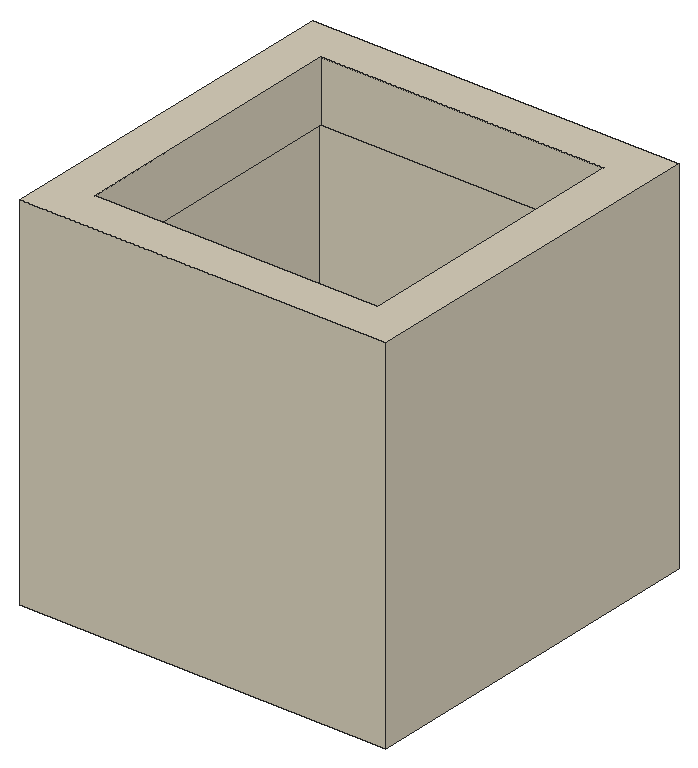
Revit family "Specialty_Equipment-Fiberstone_Planter-Planters_Unlimited-Draper-Rectangular & Square-rev", category Specialty Equipment, Revit 2023
Family settings
  Round Connector Dimension = Use Diameter
  Part Type = Normal
  OmniClass Number = 23.40.05.21.17
  OmniClass Title = Planters
  Work Plane-Based = No
  Enable Cutting in Views = No
  Always vertical = Yes
  Cut with Voids When Loaded = No
  Maintain Annotation Orientation = No
  Shared = No
  Room Calculation Point = No
Parameters (values of type "18"L x 18"W x 18"H")
  URL = "https://www.plantersunlimited.com"
  Type Comments = if(CD_Length = CD_Width, "Square Planter", "Rectangular Planter")  # "Square Planter"
  Model = "Draper Series Planters"  # constant formula
  Manufacturer = "Planters Unlimited"  # constant formula
  Description = if(CD_Length = CD_Width, "Draper Square Planter", "Draper Rectangular Planter")  # "Draper Square Planter"
  Default Elevation = 0.0"
  CD_Width = 18.0"
  CD_Specification = "https://www.plantersunlimited.com/content/2024-07-10-fg-pu-guide-specifications.pdf"
  CD_Product Page URL = "https://www.plantersunlimited.com/modern-fiberglass-round-planter/"
  CD_Product Name [instance] = "Modern Planter"  # constant formula
  CD_Pad Size = 3.0"
  CD_Microsite = "https://www.caddetails.com/3404"
  CD_Length = 18.0"
  CD_Height = 18.0"
  CD_Finish = Plastic-Fiberstone-Carlsbad-Chenza
  CD_Divider Visibility = CD_Length > 50.0"  # no
  CD_Divider = 1.0"
  CD_Created By = "CADdetails LTD. 2024"  # constant formula
  Assembly Code = "G2050600"
Reference planes (in)
  plane 1 "Center (Front/Back)": y = 0
  plane 2 "Bottom": z = 0
  plane 3 "Center (Left/Right)": x = 0
  plane 4 "Bottom of Bin": z = 0
  plane 5 "Back": y = 9
  plane 6 "Front": y = -9
  plane 7 "Left Inner": x = -7.5
  plane 8 "Left": x = -9
  plane 9 "Right": x = 9
  plane 10 "Top": z = 18
  plane 11 "Pad1,2": x = -6.97045
  plane 12 "Pad Back": y = 6.5
  plane 13 "Pad3,4": x = -2.4803
  plane 14 "Pad5,6": x = 2.00985
  plane 15 "Pad7,8": x = 6.5
  plane 16 "Pad Front": y = -6.5
  plane 17 "Bottom of planter": z = 0.125
  plane 18: x = -0.5
  plane 19 "divider1": x = -0.5
  plane 20 "Divider2": x = 0.5
  plane 21 "Lip": x = -6.97045
  plane 22 "Base of the wall": z = 1.625
  plane 23 "Lip Depth": z = 15
  plane 24: z = 1.625
  plane 25 "Base Plate": z = 1.625
  plane 26 "Divider Edge Back Top": y = 6.97045
  plane 27 "Divider edge Back": y = 7.5
  plane 28 "Divider Edge front top": y = -6.97045
  plane 29 "Divider edge front": y = -7.5
  plane 30 "Divider top": z = 15
  plane 31 "Pad 1,2": x = -6.4803
Forms (in)
  Sweep 1, solid, material "Plastic-Fiberstone-Carlsbad-Chenza" <- "CD_Finish"
    path origin (0, 0, 0) x (1, 0, 0) y (0, 1, 0)
      loop
        line (-5.75, 5.75) -> (-5.75, -5.75) -> (5.75, -5.75) -> (5.75, 5.75) -> (-5.75, 5.75)
    profile origin (-5.75, 0, 0) x (1, 0, 0) y (0, 0, 1)
      loop
        line (-1.22045, 15) -> (-1.22045, 18) -> (-3.25, 18) -> (-3.25, 0.125) -> (-1.75, 0.125) -> (-1.75, 15) -> (-1.22045, 15)
  Extrusion 2, solid, material "Plastic-Fiberstone-Carlsbad-Chenza" <- "CD_Finish"
    sketch origin (0, 0, 0) x (1, 0, 0) y (0, 1, 0)
      loop
        line (-7.5, 7.5) -> (-7.5, -7.5) -> (7.5, -7.5) -> (7.5, 7.5) -> (-7.5, 7.5)
    from 0.125 to 1.625
  Extrusion 3, solid, material "Plastic-Fiberstone-Carlsbad-Chenza" <- "CD_Finish"
    sketch origin (8.75, -0.5, 0) x (1, 0, 0) y (0, 1, 0)
      loop
        line (-12.7303, -7.5) -> (-9.7303, -7.5) -> (-9.7303, -4.5) -> (-12.7303, -4.5) -> (-12.7303, -7.5)
    from 0 to 0.125
  Extrusion 4, solid, material "Plastic-Fiberstone-Carlsbad-Chenza" <- "CD_Finish"
    sketch origin (20.75, -0.5, 0) x (1, 0, 0) y (0, 1, 0)
      loop
        line (-20.24015, -7.5) -> (-17.24015, -7.5) -> (-17.24015, -4.5) -> (-20.24015, -4.5) -> (-20.24015, -7.5)
    from 0 to 0.125
  Extrusion 5, solid, material "Plastic-Fiberstone-Carlsbad-Chenza" <- "CD_Finish"
    sketch origin (29.75, -0.5, 0) x (1, 0, 0) y (0, 1, 0)
      loop
        line (-24.75, -7.5) -> (-21.75, -7.5) -> (-21.75, -4.5) -> (-24.75, -4.5) -> (-24.75, -7.5)
    from 0 to 0.125
  Extrusion 6, solid, material "Plastic-Fiberstone-Carlsbad-Chenza" <- "CD_Finish"
    sketch origin (12.33333, 0.5, 0) x (1, 0, 0) y (0, 1, 0)
      loop
        line (-16.31363, 7.5) -> (-16.31363, 4.5) -> (-13.31363, 4.5) -> (-13.31363, 7.5) -> (-16.31363, 7.5)
    from 0 to 0.125
  Extrusion 7, solid, material "Plastic-Fiberstone-Carlsbad-Chenza" <- "CD_Finish"
    sketch origin (24.66667, 0.5, 0) x (1, 0, 0) y (0, 1, 0)
      loop
        line (-24.15682, 7.5) -> (-24.15682, 4.5) -> (-21.15682, 4.5) -> (-21.15682, 7.5) -> (-24.15682, 7.5)
    from 0 to 0.125
  Extrusion 8, solid, material "Plastic-Fiberstone-Carlsbad-Chenza" <- "CD_Finish"
    sketch origin (37, 0.5, 0) x (1, 0, 0) y (0, 1, 0)
      loop
        line (-32, 7.5) -> (-32, 4.5) -> (-29, 4.5) -> (-29, 7.5) -> (-32, 7.5)
    from 0 to 0.125
  Extrusion 9, solid, material "Plastic-Fiberstone-Carlsbad-Chenza" <- "CD_Finish", visible <- "CD_Divider Visibility"
    sketch origin (0, 0, 0) x (0, 1, 0) y (0, 0, 1)
      loop
        line (6.97045, 18) -> (-6.97045, 18) -> (-6.97045, 15) -> (-7.5, 15) -> (-7.5, 1.625) -> (7.5, 1.625) -> (7.5, 15) -> (6.97045, 15) -> (6.97045, 18)
    from -0.5 to 0.5
  Extrusion 10, solid, material "Plastic-Fiberstone-Carlsbad-Chenza" <- "CD_Finish"
    sketch origin (-7.66667, 0.5, 0) x (1, 0, 0) y (0, 1, 0)
      loop
        line (-0.31363, 7.5) -> (-0.31363, 4.5) -> (2.68637, 4.5) -> (2.68637, 7.5) -> (-0.31363, 7.5)
    from 0 to 0.125
  Extrusion 11, solid, material "Plastic-Fiberstone-Carlsbad-Chenza" <- "CD_Finish"
    sketch origin (-7.66667, -0.5, 0) x (1, 0, 0) y (0, 1, 0)
      loop
        line (-0.31363, -7.5) -> (2.68637, -7.5) -> (2.68637, -4.5) -> (-0.31363, -4.5) -> (-0.31363, -7.5)
    from 0 to 0.125
Dimensions and locks (in)
  Sweep 1 sketch curve to Sweep 1 sketch curve = 1.5"
  equal spacing: Sweep 1, plane 3 "Center (Left/Right)", Sweep 1
  "CD_Height": plane 10 "Top" to level
  locked: plane 8 "Left" to Sweep 1 sketch curve at 3.25
  locked: Sweep 1 sketch curve to plane 9 "Right" at 3.25
  locked: plane 5 "Back" to Sweep 1 sketch curve at 3.25
  locked: Sweep 1 sketch curve to plane 6 "Front" at 3.25
  plane 8 "Left" to plane 11 "Pad1,2" = 2.02955"
  plane 8 "Left" to plane 7 "Left Inner" = 1.5"
  plane 9 "Right" to plane 8 "Left" = 18.0"
  "CD_Width": plane 5 "Back" to plane 6 "Front"
  equal spacing: plane 5 "Back", plane 1 "Center (Front/Back)", plane 6 "Front"
  equal spacing: plane 8 "Left", plane 3 "Center (Left/Right)", plane 9 "Right"
  locked: plane 15 "Pad7,8" to plane 9 "Right" at 2.5
  plane 11 "Pad1,2" to plane 15 "Pad7,8" = 13.47045"
  equal spacing: plane 11 "Pad1,2", plane 13 "Pad3,4", plane 14 "Pad5,6", plane 15 "Pad7,8"
  "CD_Pad Size": Extrusion 3 sketch curve to Extrusion 3 sketch curve  (x2)
  "CD_Pad Size": Extrusion 4 sketch curve to Extrusion 4 sketch curve  (x2)
  "CD_Pad Size": Extrusion 5 sketch curve to Extrusion 5 sketch curve  (x2)
  locked: plane 6 "Front" to plane 16 "Pad Front" at 2.5
  locked: plane 17 "Bottom of planter" to level at 0.125
  "CD_Pad Size": Extrusion 6 sketch curve to Extrusion 6 sketch curve  (x2)
  "CD_Pad Size": Extrusion 7 sketch curve to Extrusion 7 sketch curve  (x2)
  "CD_Pad Size": Extrusion 8 sketch curve to Extrusion 8 sketch curve  (x2)
  "CD_Length": plane 8 "Left" to plane 9 "Right"
  plane 12 "Pad Back" to plane 16 "Pad Front" = 13.0"
  equal spacing: plane 12 "Pad Back", plane 1 "Center (Front/Back)", plane 16 "Pad Front"
  equal spacing: Extrusion 7 sketch curve, plane 14 "Pad5,6", Extrusion 7 sketch curve, locked at 1.5 each
  equal spacing: Extrusion 6 sketch curve, plane 13 "Pad3,4", Extrusion 6 sketch curve, locked at 1.5 each
  equal spacing: Extrusion 6 sketch curve, plane 12 "Pad Back", Extrusion 6 sketch curve
  equal spacing: plane 19 "divider1", plane 3 "Center (Left/Right)", plane 20 "Divider2", locked at 0.5 each
  "CD_Divider": plane 19 "divider1" to plane 20 "Divider2"
  locked: plane 21 "Lip" to plane 8 "Left" at 2.02955
  locked: Sweep 1 to Sweep 1 at 2.02955
  locked: plane 5 "Back" to Extrusion 8 at 1
  locked: Extrusion 8 to plane 9 "Right" at 1
  equal spacing: Extrusion 7 sketch curve, plane 12 "Pad Back", Extrusion 7 sketch curve
  equal spacing: Extrusion 5 sketch curve, plane 16 "Pad Front", Extrusion 5 sketch curve, locked at 1.5 each
  equal spacing: Extrusion 5 sketch curve, plane 15 "Pad7,8", Extrusion 5 sketch curve
  equal spacing: Extrusion 4 sketch curve, plane 14 "Pad5,6", Extrusion 4 sketch curve, locked at 1.5 each
  equal spacing: Extrusion 3 sketch curve, plane 13 "Pad3,4", Extrusion 3 sketch curve, locked at 1.5 each
  locked: plane 10 "Top" to plane 23 "Lip Depth" at 3
  locked: plane 22 "Base of the wall" to plane 17 "Bottom of planter" at 1.5
  locked: plane 25 "Base Plate" to plane 17 "Bottom of planter" at 1.5
  locked: plane 5 "Back" to plane 27 "Divider edge Back" at 1.5
  locked: plane 5 "Back" to plane 26 "Divider Edge Back Top" at 2.02955
  locked: plane 29 "Divider edge front" to plane 6 "Front" at 1.5
  locked: plane 28 "Divider Edge front top" to plane 6 "Front" at 2.02955
  locked: plane 10 "Top" to plane 30 "Divider top" at 3
  Extrusion 5 to plane 6 "Front" = 1.0"
  Sweep 1 to plane 6 "Front" = 2.02955"  (x2)
  plane 5 "Back" to Sweep 1 = 2.02955"
  plane 5 "Back" to plane 12 "Pad Back" = 2.5"
  plane 5 "Back" to plane 6 "Front" = 18.0"
  plane 10 "Top" to level = 18.0"
  locked: plane 8 "Left" to plane 31 "Pad 1,2" at 2.5197
  "CD_Pad Size": Extrusion 10 sketch curve to Extrusion 10 sketch curve  (x2)
  "CD_Pad Size": Extrusion 11 sketch curve to Extrusion 11 sketch curve  (x2)
  equal spacing: Extrusion 10 sketch curve, plane 31 "Pad 1,2", Extrusion 10 sketch curve, locked at 1.5 each
  equal spacing: Extrusion 10 sketch curve, plane 12 "Pad Back", Extrusion 10 sketch curve
  plane 5 "Back" to Extrusion 10 sketch curve = 1.0"
  Sweep 1 to Extrusion 10 sketch curve = 1.0197"
  plane 5 "Back" to Extrusion 6 sketch curve = 1.0"
  Extrusion 7 sketch curve to plane 5 "Back" = 1.0"
  equal spacing: Extrusion 8 sketch curve, plane 15 "Pad7,8", Extrusion 8 sketch curve
  equal spacing: Extrusion 8 sketch curve, plane 12 "Pad Back", Extrusion 8 sketch curve
  Extrusion 8 sketch curve to plane 5 "Back" = 1.0"
  plane 6 "Front" to Extrusion 3 sketch curve = 1.0"
  equal spacing: Extrusion 3 sketch curve, plane 16 "Pad Front", Extrusion 3 sketch curve, locked at 1.5 each
  plane 6 "Front" to Extrusion 4 sketch curve = 1.0"
  equal spacing: Extrusion 4 sketch curve, plane 16 "Pad Front", Extrusion 4 sketch curve, locked at 1.5 each
  Extrusion 5 sketch curve to Sweep 1 = 1.0"
  Sweep 1 to Extrusion 10 = 1.0"
  Extrusion 5 to plane 9 "Right" = 1.0"
  Sweep 1 to Extrusion 11 = 1.0197"
  equal spacing: Extrusion 11 sketch curve, plane 31 "Pad 1,2", Extrusion 11 sketch curve, locked at 1.5 each
  equal spacing: Extrusion 11 sketch curve, plane 16 "Pad Front", Extrusion 11 sketch curve, locked at 1.5 each
  locked: plane 5 "Back" to Extrusion 2 sketch curve at 1.5
  locked: Extrusion 2 sketch curve to plane 6 "Front" at 1.5
  locked: plane 8 "Left" to Extrusion 2 sketch curve at 1.5
  locked: Extrusion 2 sketch curve to plane 9 "Right" at 1.5
  aligned and locked: plane 2 "Bottom" to level
  aligned and locked: Sweep 1 to plane 8 "Left"
  aligned and locked: plane 11 "Pad1,2" to Sweep 1
  aligned and locked: Sweep 1 to plane 11 "Pad1,2"
  aligned and locked: plane 9 "Right" to Sweep 1
  aligned and locked: plane 10 "Top" to Sweep 1 sketch curve
  aligned and locked: Extrusion 2 to plane 17 "Bottom of planter"
  aligned and locked: plane 17 "Bottom of planter" to Extrusion 3
  aligned and locked: plane 17 "Bottom of planter" to Extrusion 4
  aligned and locked: plane 17 "Bottom of planter" to Extrusion 5
  aligned and locked: Extrusion 3 to level
  aligned and locked: Extrusion 5 to level
  aligned and locked: plane 5 "Back" to Sweep 1
  aligned and locked: Sweep 1 to plane 6 "Front"
  aligned and locked: plane 7 "Left Inner" to Sweep 1
  aligned and locked: Extrusion 6 to Extrusion 2
  aligned and locked: plane 17 "Bottom of planter" to Extrusion 6
  aligned and locked: plane 17 "Bottom of planter" to Extrusion 2
  aligned and locked: plane 17 "Bottom of planter" to Extrusion 7
  aligned and locked: plane 17 "Bottom of planter" to Extrusion 8
  aligned and locked: Extrusion 5 to Extrusion 7
  aligned and locked: Extrusion 5 to Extrusion 6
  aligned and locked: plane 19 "divider1" to plane 18
  aligned and locked: plane 8 "Left" to Sweep 1 sketch curve
  aligned and locked: plane 21 "Lip" to Sweep 1 sketch curve
  aligned and locked: plane 23 "Lip Depth" to Sweep 1 sketch curve
  aligned and locked: Sweep 1 sketch curve to Sweep 1 sketch curve
  aligned and locked: plane 25 "Base Plate" to Extrusion 2
  aligned and locked: plane 10 "Top" to Extrusion 9 sketch curve
  aligned and locked: Extrusion 9 sketch curve to plane 25 "Base Plate"
  aligned and locked: Extrusion 9 sketch curve to Sweep 1
  aligned and locked: plane 30 "Divider top" to Extrusion 9 sketch curve
  aligned and locked: Sweep 1 sketch curve to plane 17 "Bottom of planter"
Automatic sketch dimensions
  Extrusion 9 sketch curve to plane 29 "Divider edge front" = 0.0"
  Extrusion 9 sketch curve to plane 28 "Divider Edge front top" = 0.0"
  Extrusion 9 sketch curve to plane 26 "Divider Edge Back Top" = 0.0"
  Extrusion 9 sketch curve to plane 27 "Divider edge Back" = 0.0"
Types (596): name | Type Comments | Description | CD_Width | CD_Specification | CD_Product Page URL | CD_Length | CD_Height | CD_Divider Visibility
  30"L x 12"W x 18"H | "Rectangular Planter" | "Draper Rectangular Planter" | 12.0" | "https://www.plantersunlimited.com/content/2024-07-10-fg-pu-guide-specifications.pdf" | "https://www.plantersunlimited.com/modern-fiberglass-round-planter/" | 30.0" | 18.0" | no
  30"L x 12"W x 24"H | "Rectangular Planter" | "Draper Rectangular Planter" | 12.0" | "https://www.plantersunlimited.com/content/2024-07-10-fg-pu-guide-specifications.pdf" | "https://www.plantersunlimited.com/modern-fiberglass-round-planter/" | 30.0" | 24.0" | no
  30"L x 12"W x 30"H | "Rectangular Planter" | "Draper Rectangular Planter" | 12.0" | "https://www.plantersunlimited.com/content/2024-07-10-fg-pu-guide-specifications.pdf" | "https://www.plantersunlimited.com/modern-fiberglass-round-planter/" | 30.0" | 30.0" | no
  30"L x 12"W x 36"H | "Rectangular Planter" | "Draper Rectangular Planter" | 12.0" | "https://www.plantersunlimited.com/content/2024-07-10-fg-pu-guide-specifications.pdf" | "https://www.plantersunlimited.com/modern-fiberglass-round-planter/" | 30.0" | 36.0" | no
  30"L x 15"W x 18"H | "Rectangular Planter" | "Draper Rectangular Planter" | 15.0" | "https://www.plantersunlimited.com/content/2024-07-10-fg-pu-guide-specifications.pdf" | "https://www.plantersunlimited.com/modern-fiberglass-round-planter/" | 30.0" | 18.0" | no
  30"L x 15"W x 24"H | "Rectangular Planter" | "Draper Rectangular Planter" | 15.0" | "https://www.plantersunlimited.com/content/2024-07-10-fg-pu-guide-specifications.pdf" | "https://www.plantersunlimited.com/modern-fiberglass-round-planter/" | 30.0" | 24.0" | no
  30"L x 15"W x 30"H | "Rectangular Planter" | "Draper Rectangular Planter" | 15.0" | "https://www.plantersunlimited.com/content/2024-07-10-fg-pu-guide-specifications.pdf" | "https://www.plantersunlimited.com/modern-fiberglass-round-planter/" | 30.0" | 30.0" | no
  30"L x 15"W x 36"H | "Rectangular Planter" | "Draper Rectangular Planter" | 15.0" | "https://www.plantersunlimited.com/content/2024-07-10-fg-pu-guide-specifications.pdf" | "https://www.plantersunlimited.com/modern-fiberglass-round-planter/" | 30.0" | 36.0" | no
  30"L x 15"W x 42"H | "Rectangular Planter" | "Draper Rectangular Planter" | 15.0" | "https://www.plantersunlimited.com/content/2024-07-10-fg-pu-guide-specifications.pdf" | "https://www.plantersunlimited.com/modern-fiberglass-round-planter/" | 30.0" | 42.0" | no
  30"L x 15"W x 48"H | "Rectangular Planter" | "Draper Rectangular Planter" | 15.0" | "https://www.plantersunlimited.com/content/2024-07-10-fg-pu-guide-specifications.pdf" | "https://www.plantersunlimited.com/modern-fiberglass-round-planter/" | 30.0" | 48.0" | no
  30"L x 18"W x 18"H | "Rectangular Planter" | "Draper Rectangular Planter" | 18.0" | "https://www.plantersunlimited.com/content/2024-07-10-fg-pu-guide-specifications.pdf" | "https://www.plantersunlimited.com/modern-fiberglass-round-planter/" | 30.0" | 18.0" | no
  30"L x 18"W x 24"H | "Rectangular Planter" | "Draper Rectangular Planter" | 18.0" | "https://www.plantersunlimited.com/content/2024-07-10-fg-pu-guide-specifications.pdf" | "https://www.plantersunlimited.com/modern-fiberglass-round-planter/" | 30.0" | 24.0" | no
  30"L x 18"W x 30"H | "Rectangular Planter" | "Draper Rectangular Planter" | 18.0" | "https://www.plantersunlimited.com/content/2024-07-10-fg-pu-guide-specifications.pdf" | "https://www.plantersunlimited.com/modern-fiberglass-round-planter/" | 30.0" | 30.0" | no
  30"L x 18"W x 36"H | "Rectangular Planter" | "Draper Rectangular Planter" | 18.0" | "https://www.plantersunlimited.com/content/2024-07-10-fg-pu-guide-specifications.pdf" | "https://www.plantersunlimited.com/modern-fiberglass-round-planter/" | 30.0" | 36.0" | no
  30"L x 18"W x 42"H | "Rectangular Planter" | "Draper Rectangular Planter" | 18.0" | "https://www.plantersunlimited.com/content/2024-07-10-fg-pu-guide-specifications.pdf" | "https://www.plantersunlimited.com/modern-fiberglass-round-planter/" | 30.0" | 42.0" | no
  30"L x 18"W x 48"H | "Rectangular Planter" | "Draper Rectangular Planter" | 18.0" | "https://www.plantersunlimited.com/content/2024-07-10-fg-pu-guide-specifications.pdf" | "https://www.plantersunlimited.com/modern-fiberglass-round-planter/" | 30.0" | 48.0" | no
  30"L x 24"W x 18"H | "Rectangular Planter" | "Draper Rectangular Planter" | 24.0" | "https://www.plantersunlimited.com/content/2024-07-10-fg-pu-guide-specifications.pdf" | "https://www.plantersunlimited.com/modern-fiberglass-round-planter/" | 30.0" | 18.0" | no
  30"L x 24"W x 24"H | "Rectangular Planter" | "Draper Rectangular Planter" | 24.0" | "https://www.plantersunlimited.com/content/2024-07-10-fg-pu-guide-specifications.pdf" | "https://www.plantersunlimited.com/modern-fiberglass-round-planter/" | 30.0" | 24.0" | no
  30"L x 24"W x 30"H | "Rectangular Planter" | "Draper Rectangular Planter" | 24.0" | "https://www.plantersunlimited.com/content/2024-07-10-fg-pu-guide-specifications.pdf" | "https://www.plantersunlimited.com/modern-fiberglass-round-planter/" | 30.0" | 30.0" | no
  30"L x 24"W x 36"H | "Rectangular Planter" | "Draper Rectangular Planter" | 24.0" | "https://www.plantersunlimited.com/content/2024-07-10-fg-pu-guide-specifications.pdf" | "https://www.plantersunlimited.com/modern-fiberglass-round-planter/" | 30.0" | 36.0" | no
  30"L x 24"W x 42"H | "Rectangular Planter" | "Draper Rectangular Planter" | 24.0" | "https://www.plantersunlimited.com/content/2024-07-10-fg-pu-guide-specifications.pdf" | "https://www.plantersunlimited.com/modern-fiberglass-round-planter/" | 30.0" | 42.0" | no
  30"L x 24"W x 48"H | "Rectangular Planter" | "Draper Rectangular Planter" | 24.0" | "https://www.plantersunlimited.com/content/2024-07-10-fg-pu-guide-specifications.pdf" | "https://www.plantersunlimited.com/modern-fiberglass-round-planter/" | 30.0" | 48.0" | no
  36"L x 12"W x 18"H | "Rectangular Planter" | "Draper Rectangular Planter" | 12.0" | "https://www.plantersunlimited.com/content/2024-07-10-fg-pu-guide-specifications.pdf" | "https://www.plantersunlimited.com/modern-fiberglass-round-planter/" | 36.0" | 18.0" | no
  36"L x 12"W x 24"H | "Rectangular Planter" | "Draper Rectangular Planter" | 12.0" | "https://www.plantersunlimited.com/content/2024-07-10-fg-pu-guide-specifications.pdf" | "https://www.plantersunlimited.com/modern-fiberglass-round-planter/" | 36.0" | 24.0" | no
  36"L x 12"W x 30"H | "Rectangular Planter" | "Draper Rectangular Planter" | 12.0" | "https://www.plantersunlimited.com/content/2024-07-10-fg-pu-guide-specifications.pdf" | "https://www.plantersunlimited.com/modern-fiberglass-round-planter/" | 36.0" | 30.0" | no
  36"L x 12"W x 36"H | "Rectangular Planter" | "Draper Rectangular Planter" | 12.0" | "https://www.plantersunlimited.com/content/2024-07-10-fg-pu-guide-specifications.pdf" | "https://www.plantersunlimited.com/modern-fiberglass-round-planter/" | 36.0" | 36.0" | no
  36"L x 15"W x 18"H | "Rectangular Planter" | "Draper Rectangular Planter" | 15.0" | "https://www.plantersunlimited.com/content/2024-07-10-fg-pu-guide-specifications.pdf" | "https://www.plantersunlimited.com/modern-fiberglass-round-planter/" | 36.0" | 18.0" | no
  36"L x 15"W x 24"H | "Rectangular Planter" | "Draper Rectangular Planter" | 15.0" | "https://www.plantersunlimited.com/content/2024-07-10-fg-pu-guide-specifications.pdf" | "https://www.plantersunlimited.com/modern-fiberglass-round-planter/" | 36.0" | 24.0" | no
  36"L x 15"W x 30"H | "Rectangular Planter" | "Draper Rectangular Planter" | 15.0" | "https://www.plantersunlimited.com/content/2024-07-10-fg-pu-guide-specifications.pdf" | "https://www.plantersunlimited.com/modern-fiberglass-round-planter/" | 36.0" | 30.0" | no
  36"L x 15"W x 36"H | "Rectangular Planter" | "Draper Rectangular Planter" | 15.0" | "https://www.plantersunlimited.com/content/2024-07-10-fg-pu-guide-specifications.pdf" | "https://www.plantersunlimited.com/modern-fiberglass-round-planter/" | 36.0" | 36.0" | no
  36"L x 15"W x 42"H | "Rectangular Planter" | "Draper Rectangular Planter" | 15.0" | "https://www.plantersunlimited.com/content/2024-07-10-fg-pu-guide-specifications.pdf" | "https://www.plantersunlimited.com/modern-fiberglass-round-planter/" | 36.0" | 42.0" | no
  36"L x 15"W x 48"H | "Rectangular Planter" | "Draper Rectangular Planter" | 15.0" | "https://www.plantersunlimited.com/content/2024-07-10-fg-pu-guide-specifications.pdf" | "https://www.plantersunlimited.com/modern-fiberglass-round-planter/" | 36.0" | 48.0" | no
  36"L x 18"W x 18"H | "Rectangular Planter" | "Draper Rectangular Planter" | 18.0" | "https://www.plantersunlimited.com/content/2024-07-10-fg-pu-guide-specifications.pdf" | "https://www.plantersunlimited.com/modern-fiberglass-round-planter/" | 36.0" | 18.0" | no
  36"L x 18"W x 24"H | "Rectangular Planter" | "Draper Rectangular Planter" | 18.0" | "https://www.plantersunlimited.com/content/2024-07-10-fg-pu-guide-specifications.pdf" | "https://www.plantersunlimited.com/modern-fiberglass-round-planter/" | 36.0" | 24.0" | no
  36"L x 18"W x 30"H | "Rectangular Planter" | "Draper Rectangular Planter" | 18.0" | "https://www.plantersunlimited.com/content/2024-07-10-fg-pu-guide-specifications.pdf" | "https://www.plantersunlimited.com/modern-fiberglass-round-planter/" | 36.0" | 30.0" | no
  36"L x 18"W x 36"H | "Rectangular Planter" | "Draper Rectangular Planter" | 18.0" | "https://www.plantersunlimited.com/content/2024-07-10-fg-pu-guide-specifications.pdf" | "https://www.plantersunlimited.com/modern-fiberglass-round-planter/" | 36.0" | 36.0" | no
  36"L x 18"W x 42"H | "Rectangular Planter" | "Draper Rectangular Planter" | 18.0" | "https://www.plantersunlimited.com/content/2024-07-10-fg-pu-guide-specifications.pdf" | "https://www.plantersunlimited.com/modern-fiberglass-round-planter/" | 36.0" | 42.0" | no
  36"L x 18"W x 48"H | "Rectangular Planter" | "Draper Rectangular Planter" | 18.0" | "https://www.plantersunlimited.com/content/2024-07-10-fg-pu-guide-specifications.pdf" | "https://www.plantersunlimited.com/modern-fiberglass-round-planter/" | 36.0" | 48.0" | no
  36"L x 24"W x 18"H | "Rectangular Planter" | "Draper Rectangular Planter" | 24.0" | "https://www.plantersunlimited.com/content/2024-07-10-fg-pu-guide-specifications.pdf" | "https://www.plantersunlimited.com/modern-fiberglass-round-planter/" | 36.0" | 18.0" | no
  36"L x 24"W x 24"H | "Rectangular Planter" | "Draper Rectangular Planter" | 24.0" | "https://www.plantersunlimited.com/content/2024-07-10-fg-pu-guide-specifications.pdf" | "https://www.plantersunlimited.com/modern-fiberglass-round-planter/" | 36.0" | 24.0" | no
  36"L x 24"W x 30"H | "Rectangular Planter" | "Draper Rectangular Planter" | 24.0" | "https://www.plantersunlimited.com/content/2024-07-10-fg-pu-guide-specifications.pdf" | "https://www.plantersunlimited.com/modern-fiberglass-round-planter/" | 36.0" | 30.0" | no
  36"L x 24"W x 36"H | "Rectangular Planter" | "Draper Rectangular Planter" | 24.0" | "https://www.plantersunlimited.com/content/2024-07-10-fg-pu-guide-specifications.pdf" | "https://www.plantersunlimited.com/modern-fiberglass-round-planter/" | 36.0" | 36.0" | no
  36"L x 24"W x 42"H | "Rectangular Planter" | "Draper Rectangular Planter" | 24.0" | "https://www.plantersunlimited.com/content/2024-07-10-fg-pu-guide-specifications.pdf" | "https://www.plantersunlimited.com/modern-fiberglass-round-planter/" | 36.0" | 42.0" | no
  36"L x 24"W x 48"H | "Rectangular Planter" | "Draper Rectangular Planter" | 24.0" | "https://www.plantersunlimited.com/content/2024-07-10-fg-pu-guide-specifications.pdf" | "https://www.plantersunlimited.com/modern-fiberglass-round-planter/" | 36.0" | 48.0" | no
  36"L x 30"W x 18"H | "Rectangular Planter" | "Draper Rectangular Planter" | 30.0" | "https://www.plantersunlimited.com/content/2024-07-10-fg-pu-guide-specifications.pdf" | "https://www.plantersunlimited.com/modern-fiberglass-round-planter/" | 36.0" | 18.0" | no
  36"L x 30"W x 24"H | "Rectangular Planter" | "Draper Rectangular Planter" | 30.0" | "https://www.plantersunlimited.com/content/2024-07-10-fg-pu-guide-specifications.pdf" | "https://www.plantersunlimited.com/modern-fiberglass-round-planter/" | 36.0" | 24.0" | no
  36"L x 30"W x 30"H | "Rectangular Planter" | "Draper Rectangular Planter" | 30.0" | "https://www.plantersunlimited.com/content/2024-07-10-fg-pu-guide-specifications.pdf" | "https://www.plantersunlimited.com/modern-fiberglass-round-planter/" | 36.0" | 30.0" | no
  36"L x 30"W x 36"H | "Rectangular Planter" | "Draper Rectangular Planter" | 30.0" | "https://www.plantersunlimited.com/content/2024-07-10-fg-pu-guide-specifications.pdf" | "https://www.plantersunlimited.com/modern-fiberglass-round-planter/" | 36.0" | 36.0" | no
  36"L x 30"W x 42"H | "Rectangular Planter" | "Draper Rectangular Planter" | 30.0" | "https://www.plantersunlimited.com/content/2024-07-10-fg-pu-guide-specifications.pdf" | "https://www.plantersunlimited.com/modern-fiberglass-round-planter/" | 36.0" | 42.0" | no
  36"L x 30"W x 48"H | "Rectangular Planter" | "Draper Rectangular Planter" | 30.0" | "https://www.plantersunlimited.com/content/2024-07-10-fg-pu-guide-specifications.pdf" | "https://www.plantersunlimited.com/modern-fiberglass-round-planter/" | 36.0" | 48.0" | no
  42"L x 12"W x 18"H | "Rectangular Planter" | "Draper Rectangular Planter" | 12.0" | "https://www.plantersunlimited.com/content/2024-07-10-fg-pu-guide-specifications.pdf" | "https://www.plantersunlimited.com/modern-fiberglass-round-planter/" | 42.0" | 18.0" | no
  42"L x 12"W x 24"H | "Rectangular Planter" | "Draper Rectangular Planter" | 12.0" | "https://www.plantersunlimited.com/content/2024-07-10-fg-pu-guide-specifications.pdf" | "https://www.plantersunlimited.com/modern-fiberglass-round-planter/" | 42.0" | 24.0" | no
  42"L x 12"W x 30"H | "Rectangular Planter" | "Draper Rectangular Planter" | 12.0" | "https://www.plantersunlimited.com/content/2024-07-10-fg-pu-guide-specifications.pdf" | "https://www.plantersunlimited.com/modern-fiberglass-round-planter/" | 42.0" | 30.0" | no
  42"L x 12"W x 36"H | "Rectangular Planter" | "Draper Rectangular Planter" | 12.0" | "https://www.plantersunlimited.com/content/2024-07-10-fg-pu-guide-specifications.pdf" | "https://www.plantersunlimited.com/modern-fiberglass-round-planter/" | 42.0" | 36.0" | no
  42"L x 15"W x 18"H | "Rectangular Planter" | "Draper Rectangular Planter" | 15.0" | "https://www.plantersunlimited.com/content/2024-07-10-fg-pu-guide-specifications.pdf" | "https://www.plantersunlimited.com/modern-fiberglass-round-planter/" | 42.0" | 18.0" | no
  42"L x 15"W x 24"H | "Rectangular Planter" | "Draper Rectangular Planter" | 15.0" | "https://www.plantersunlimited.com/content/2024-07-10-fg-pu-guide-specifications.pdf" | "https://www.plantersunlimited.com/modern-fiberglass-round-planter/" | 42.0" | 24.0" | no
  42"L x 15"W x 30"H | "Rectangular Planter" | "Draper Rectangular Planter" | 15.0" | "https://www.plantersunlimited.com/content/2024-07-10-fg-pu-guide-specifications.pdf" | "https://www.plantersunlimited.com/modern-fiberglass-round-planter/" | 42.0" | 30.0" | no
  42"L x 15"W x 36"H | "Rectangular Planter" | "Draper Rectangular Planter" | 15.0" | "https://www.plantersunlimited.com/content/2024-07-10-fg-pu-guide-specifications.pdf" | "https://www.plantersunlimited.com/modern-fiberglass-round-planter/" | 42.0" | 36.0" | no
  42"L x 15"W x 42"H | "Rectangular Planter" | "Draper Rectangular Planter" | 15.0" | "https://www.plantersunlimited.com/content/2024-07-10-fg-pu-guide-specifications.pdf" | "https://www.plantersunlimited.com/modern-fiberglass-round-planter/" | 42.0" | 42.0" | no
  42"L x 15"W x 48"H | "Rectangular Planter" | "Draper Rectangular Planter" | 15.0" | "https://www.plantersunlimited.com/content/2024-07-10-fg-pu-guide-specifications.pdf" | "https://www.plantersunlimited.com/modern-fiberglass-round-planter/" | 42.0" | 48.0" | no
  42"L x 18"W x 18"H | "Rectangular Planter" | "Draper Rectangular Planter" | 18.0" | "https://www.plantersunlimited.com/content/2024-07-10-fg-pu-guide-specifications.pdf" | "https://www.plantersunlimited.com/modern-fiberglass-round-planter/" | 42.0" | 18.0" | no
  42"L x 18"W x 24"H | "Rectangular Planter" | "Draper Rectangular Planter" | 18.0" | "https://www.plantersunlimited.com/content/2024-07-10-fg-pu-guide-specifications.pdf" | "https://www.plantersunlimited.com/modern-fiberglass-round-planter/" | 42.0" | 24.0" | no
  42"L x 18"W x 30"H | "Rectangular Planter" | "Draper Rectangular Planter" | 18.0" | "https://www.plantersunlimited.com/content/2024-07-10-fg-pu-guide-specifications.pdf" | "https://www.plantersunlimited.com/modern-fiberglass-round-planter/" | 42.0" | 30.0" | no
  42"L x 18"W x 36"H | "Rectangular Planter" | "Draper Rectangular Planter" | 18.0" | "https://www.plantersunlimited.com/content/2024-07-10-fg-pu-guide-specifications.pdf" | "https://www.plantersunlimited.com/modern-fiberglass-round-planter/" | 42.0" | 36.0" | no
  42"L x 18"W x 42"H | "Rectangular Planter" | "Draper Rectangular Planter" | 18.0" | "https://www.plantersunlimited.com/content/2024-07-10-fg-pu-guide-specifications.pdf" | "https://www.plantersunlimited.com/modern-fiberglass-round-planter/" | 42.0" | 42.0" | no
  42"L x 18"W x 48"H | "Rectangular Planter" | "Draper Rectangular Planter" | 18.0" | "https://www.plantersunlimited.com/content/2024-07-10-fg-pu-guide-specifications.pdf" | "https://www.plantersunlimited.com/modern-fiberglass-round-planter/" | 42.0" | 48.0" | no
  42"L x 24"W x 18"H | "Rectangular Planter" | "Draper Rectangular Planter" | 24.0" | "https://www.plantersunlimited.com/content/2024-07-10-fg-pu-guide-specifications.pdf" | "https://www.plantersunlimited.com/modern-fiberglass-round-planter/" | 42.0" | 18.0" | no
  42"L x 24"W x 24"H | "Rectangular Planter" | "Draper Rectangular Planter" | 24.0" | "https://www.plantersunlimited.com/content/2024-07-10-fg-pu-guide-specifications.pdf" | "https://www.plantersunlimited.com/modern-fiberglass-round-planter/" | 42.0" | 24.0" | no
  42"L x 24"W x 30"H | "Rectangular Planter" | "Draper Rectangular Planter" | 24.0" | "https://www.plantersunlimited.com/content/2024-07-10-fg-pu-guide-specifications.pdf" | "https://www.plantersunlimited.com/modern-fiberglass-round-planter/" | 42.0" | 30.0" | no
  42"L x 24"W x 36"H | "Rectangular Planter" | "Draper Rectangular Planter" | 24.0" | "https://www.plantersunlimited.com/content/2024-07-10-fg-pu-guide-specifications.pdf" | "https://www.plantersunlimited.com/modern-fiberglass-round-planter/" | 42.0" | 36.0" | no
  42"L x 24"W x 42"H | "Rectangular Planter" | "Draper Rectangular Planter" | 24.0" | "https://www.plantersunlimited.com/content/2024-07-10-fg-pu-guide-specifications.pdf" | "https://www.plantersunlimited.com/modern-fiberglass-round-planter/" | 42.0" | 42.0" | no
  42"L x 24"W x 48"H | "Rectangular Planter" | "Draper Rectangular Planter" | 24.0" | "https://www.plantersunlimited.com/content/2024-07-10-fg-pu-guide-specifications.pdf" | "https://www.plantersunlimited.com/modern-fiberglass-round-planter/" | 42.0" | 48.0" | no
  42"L x 30"W x 18"H | "Rectangular Planter" | "Draper Rectangular Planter" | 30.0" | "https://www.plantersunlimited.com/content/2024-07-10-fg-pu-guide-specifications.pdf" | "https://www.plantersunlimited.com/modern-fiberglass-round-planter/" | 42.0" | 18.0" | no
  42"L x 30"W x 24"H | "Rectangular Planter" | "Draper Rectangular Planter" | 30.0" | "https://www.plantersunlimited.com/content/2024-07-10-fg-pu-guide-specifications.pdf" | "https://www.plantersunlimited.com/modern-fiberglass-round-planter/" | 42.0" | 24.0" | no
  42"L x 30"W x 30"H | "Rectangular Planter" | "Draper Rectangular Planter" | 30.0" | "https://www.plantersunlimited.com/content/2024-07-10-fg-pu-guide-specifications.pdf" | "https://www.plantersunlimited.com/modern-fiberglass-round-planter/" | 42.0" | 30.0" | no
  42"L x 30"W x 36"H | "Rectangular Planter" | "Draper Rectangular Planter" | 30.0" | "https://www.plantersunlimited.com/content/2024-07-10-fg-pu-guide-specifications.pdf" | "https://www.plantersunlimited.com/modern-fiberglass-round-planter/" | 42.0" | 36.0" | no
  42"L x 30"W x 42"H | "Rectangular Planter" | "Draper Rectangular Planter" | 30.0" | "https://www.plantersunlimited.com/content/2024-07-10-fg-pu-guide-specifications.pdf" | "https://www.plantersunlimited.com/modern-fiberglass-round-planter/" | 42.0" | 42.0" | no
  42"L x 30"W x 48"H | "Rectangular Planter" | "Draper Rectangular Planter" | 30.0" | "https://www.plantersunlimited.com/content/2024-07-10-fg-pu-guide-specifications.pdf" | "https://www.plantersunlimited.com/modern-fiberglass-round-planter/" | 42.0" | 48.0" | no
  42"L x 36"W x 18"H | "Rectangular Planter" | "Draper Rectangular Planter" | 36.0" | "https://www.plantersunlimited.com/content/2024-07-10-fg-pu-guide-specifications.pdf" | "https://www.plantersunlimited.com/modern-fiberglass-round-planter/" | 42.0" | 18.0" | no
  42"L x 36"W x 24"H | "Rectangular Planter" | "Draper Rectangular Planter" | 36.0" | "https://www.plantersunlimited.com/content/2024-07-10-fg-pu-guide-specifications.pdf" | "https://www.plantersunlimited.com/modern-fiberglass-round-planter/" | 42.0" | 24.0" | no
  42"L x 36"W x 30"H | "Rectangular Planter" | "Draper Rectangular Planter" | 36.0" | "https://www.plantersunlimited.com/content/2024-07-10-fg-pu-guide-specifications.pdf" | "https://www.plantersunlimited.com/modern-fiberglass-round-planter/" | 42.0" | 30.0" | no
  42"L x 36"W x 36"H | "Rectangular Planter" | "Draper Rectangular Planter" | 36.0" | "https://www.plantersunlimited.com/content/2024-07-10-fg-pu-guide-specifications.pdf" | "https://www.plantersunlimited.com/modern-fiberglass-round-planter/" | 42.0" | 36.0" | no
  42"L x 36"W x 42"H | "Rectangular Planter" | "Draper Rectangular Planter" | 36.0" | "https://www.plantersunlimited.com/content/2024-07-10-fg-pu-guide-specifications.pdf" | "https://www.plantersunlimited.com/modern-fiberglass-round-planter/" | 42.0" | 42.0" | no
  42"L x 36"W x 48"H | "Rectangular Planter" | "Draper Rectangular Planter" | 36.0" | "https://www.plantersunlimited.com/content/2024-07-10-fg-pu-guide-specifications.pdf" | "https://www.plantersunlimited.com/modern-fiberglass-round-planter/" | 42.0" | 48.0" | no
  48"L x 12"W x 18"H | "Rectangular Planter" | "Draper Rectangular Planter" | 12.0" | "https://www.plantersunlimited.com/content/2024-07-10-fg-pu-guide-specifications.pdf" | "https://www.plantersunlimited.com/modern-fiberglass-round-planter/" | 48.0" | 18.0" | no
  48"L x 12"W x 24"H | "Rectangular Planter" | "Draper Rectangular Planter" | 12.0" | "https://www.plantersunlimited.com/content/2024-07-10-fg-pu-guide-specifications.pdf" | "https://www.plantersunlimited.com/modern-fiberglass-round-planter/" | 48.0" | 24.0" | no
  48"L x 12"W x 30"H | "Rectangular Planter" | "Draper Rectangular Planter" | 12.0" | "https://www.plantersunlimited.com/content/2024-07-10-fg-pu-guide-specifications.pdf" | "https://www.plantersunlimited.com/modern-fiberglass-round-planter/" | 48.0" | 30.0" | no
  48"L x 12"W x 36"H | "Rectangular Planter" | "Draper Rectangular Planter" | 12.0" | "https://www.plantersunlimited.com/content/2024-07-10-fg-pu-guide-specifications.pdf" | "https://www.plantersunlimited.com/modern-fiberglass-round-planter/" | 48.0" | 36.0" | no
  48"L x 15"W x 18"H | "Rectangular Planter" | "Draper Rectangular Planter" | 15.0" | "https://www.plantersunlimited.com/content/2024-07-10-fg-pu-guide-specifications.pdf" | "https://www.plantersunlimited.com/modern-fiberglass-round-planter/" | 48.0" | 18.0" | no
  48"L x 15"W x 24"H | "Rectangular Planter" | "Draper Rectangular Planter" | 15.0" | "https://www.plantersunlimited.com/content/2024-07-10-fg-pu-guide-specifications.pdf" | "https://www.plantersunlimited.com/modern-fiberglass-round-planter/" | 48.0" | 24.0" | no
  48"L x 15"W x 30"H | "Rectangular Planter" | "Draper Rectangular Planter" | 15.0" | "https://www.plantersunlimited.com/content/2024-07-10-fg-pu-guide-specifications.pdf" | "https://www.plantersunlimited.com/modern-fiberglass-round-planter/" | 48.0" | 30.0" | no
  48"L x 15"W x 36"H | "Rectangular Planter" | "Draper Rectangular Planter" | 15.0" | "https://www.plantersunlimited.com/content/2024-07-10-fg-pu-guide-specifications.pdf" | "https://www.plantersunlimited.com/modern-fiberglass-round-planter/" | 48.0" | 36.0" | no
  48"L x 15"W x 42"H | "Rectangular Planter" | "Draper Rectangular Planter" | 15.0" | "https://www.plantersunlimited.com/content/2024-07-10-fg-pu-guide-specifications.pdf" | "https://www.plantersunlimited.com/modern-fiberglass-round-planter/" | 48.0" | 42.0" | no
  48"L x 15"W x 48"H | "Rectangular Planter" | "Draper Rectangular Planter" | 15.0" | "https://www.plantersunlimited.com/content/2024-07-10-fg-pu-guide-specifications.pdf" | "https://www.plantersunlimited.com/modern-fiberglass-round-planter/" | 48.0" | 48.0" | no
  48"L x 18"W x 18"H | "Rectangular Planter" | "Draper Rectangular Planter" | 18.0" | "https://www.plantersunlimited.com/content/2024-07-10-fg-pu-guide-specifications.pdf" | "https://www.plantersunlimited.com/modern-fiberglass-round-planter/" | 48.0" | 18.0" | no
  48"L x 18"W x 24"H | "Rectangular Planter" | "Draper Rectangular Planter" | 18.0" | "https://www.plantersunlimited.com/content/2024-07-10-fg-pu-guide-specifications.pdf" | "https://www.plantersunlimited.com/modern-fiberglass-round-planter/" | 48.0" | 24.0" | no
  48"L x 18"W x 30"H | "Rectangular Planter" | "Draper Rectangular Planter" | 18.0" | "https://www.plantersunlimited.com/content/2024-07-10-fg-pu-guide-specifications.pdf" | "https://www.plantersunlimited.com/modern-fiberglass-round-planter/" | 48.0" | 30.0" | no
  48"L x 18"W x 36"H | "Rectangular Planter" | "Draper Rectangular Planter" | 18.0" | "https://www.plantersunlimited.com/content/2024-07-10-fg-pu-guide-specifications.pdf" | "https://www.plantersunlimited.com/modern-fiberglass-round-planter/" | 48.0" | 36.0" | no
  48"L x 18"W x 42"H | "Rectangular Planter" | "Draper Rectangular Planter" | 18.0" | "https://www.plantersunlimited.com/content/2024-07-10-fg-pu-guide-specifications.pdf" | "https://www.plantersunlimited.com/modern-fiberglass-round-planter/" | 48.0" | 42.0" | no
  48"L x 18"W x 48"H | "Rectangular Planter" | "Draper Rectangular Planter" | 18.0" | "https://www.plantersunlimited.com/content/2024-07-10-fg-pu-guide-specifications.pdf" | "https://www.plantersunlimited.com/modern-fiberglass-round-planter/" | 48.0" | 48.0" | no
  48"L x 24"W x 18"H | "Rectangular Planter" | "Draper Rectangular Planter" | 24.0" | "https://www.plantersunlimited.com/content/2024-07-10-fg-pu-guide-specifications.pdf" | "https://www.plantersunlimited.com/modern-fiberglass-round-planter/" | 48.0" | 18.0" | no
  48"L x 24"W x 24"H | "Rectangular Planter" | "Draper Rectangular Planter" | 24.0" | "https://www.plantersunlimited.com/content/2024-07-10-fg-pu-guide-specifications.pdf" | "https://www.plantersunlimited.com/modern-fiberglass-round-planter/" | 48.0" | 24.0" | no
  48"L x 24"W x 30"H | "Rectangular Planter" | "Draper Rectangular Planter" | 24.0" | "https://www.plantersunlimited.com/content/2024-07-10-fg-pu-guide-specifications.pdf" | "https://www.plantersunlimited.com/modern-fiberglass-round-planter/" | 48.0" | 30.0" | no
  48"L x 24"W x 36"H | "Rectangular Planter" | "Draper Rectangular Planter" | 24.0" | "https://www.plantersunlimited.com/content/2024-07-10-fg-pu-guide-specifications.pdf" | "https://www.plantersunlimited.com/modern-fiberglass-round-planter/" | 48.0" | 36.0" | no
  48"L x 24"W x 42"H | "Rectangular Planter" | "Draper Rectangular Planter" | 24.0" | "https://www.plantersunlimited.com/content/2024-07-10-fg-pu-guide-specifications.pdf" | "https://www.plantersunlimited.com/modern-fiberglass-round-planter/" | 48.0" | 42.0" | no
  48"L x 24"W x 48"H | "Rectangular Planter" | "Draper Rectangular Planter" | 24.0" | "https://www.plantersunlimited.com/content/2024-07-10-fg-pu-guide-specifications.pdf" | "https://www.plantersunlimited.com/modern-fiberglass-round-planter/" | 48.0" | 48.0" | no
  48"L x 30"W x 18"H | "Rectangular Planter" | "Draper Rectangular Planter" | 30.0" | "https://www.plantersunlimited.com/content/2024-07-10-fg-pu-guide-specifications.pdf" | "https://www.plantersunlimited.com/modern-fiberglass-round-planter/" | 48.0" | 18.0" | no
  48"L x 30"W x 24"H | "Rectangular Planter" | "Draper Rectangular Planter" | 30.0" | "https://www.plantersunlimited.com/content/2024-07-10-fg-pu-guide-specifications.pdf" | "https://www.plantersunlimited.com/modern-fiberglass-round-planter/" | 48.0" | 24.0" | no
  48"L x 30"W x 30"H | "Rectangular Planter" | "Draper Rectangular Planter" | 30.0" | "https://www.plantersunlimited.com/content/2024-07-10-fg-pu-guide-specifications.pdf" | "https://www.plantersunlimited.com/modern-fiberglass-round-planter/" | 48.0" | 30.0" | no
  48"L x 30"W x 36"H | "Rectangular Planter" | "Draper Rectangular Planter" | 30.0" | "https://www.plantersunlimited.com/content/2024-07-10-fg-pu-guide-specifications.pdf" | "https://www.plantersunlimited.com/modern-fiberglass-round-planter/" | 48.0" | 36.0" | no
  48"L x 30"W x 42"H | "Rectangular Planter" | "Draper Rectangular Planter" | 30.0" | "https://www.plantersunlimited.com/content/2024-07-10-fg-pu-guide-specifications.pdf" | "https://www.plantersunlimited.com/modern-fiberglass-round-planter/" | 48.0" | 42.0" | no
  48"L x 30"W x 48"H | "Rectangular Planter" | "Draper Rectangular Planter" | 30.0" | "https://www.plantersunlimited.com/content/2024-07-10-fg-pu-guide-specifications.pdf" | "https://www.plantersunlimited.com/modern-fiberglass-round-planter/" | 48.0" | 48.0" | no
  48"L x 36"W x 18"H | "Rectangular Planter" | "Draper Rectangular Planter" | 36.0" | "https://www.plantersunlimited.com/content/2024-07-10-fg-pu-guide-specifications.pdf" | "https://www.plantersunlimited.com/modern-fiberglass-round-planter/" | 48.0" | 18.0" | no
  48"L x 36"W x 24"H | "Rectangular Planter" | "Draper Rectangular Planter" | 36.0" | "https://www.plantersunlimited.com/content/2024-07-10-fg-pu-guide-specifications.pdf" | "https://www.plantersunlimited.com/modern-fiberglass-round-planter/" | 48.0" | 24.0" | no
  48"L x 36"W x 30"H | "Rectangular Planter" | "Draper Rectangular Planter" | 36.0" | "https://www.plantersunlimited.com/content/2024-07-10-fg-pu-guide-specifications.pdf" | "https://www.plantersunlimited.com/modern-fiberglass-round-planter/" | 48.0" | 30.0" | no
  48"L x 36"W x 36"H | "Rectangular Planter" | "Draper Rectangular Planter" | 36.0" | "https://www.plantersunlimited.com/content/2024-07-10-fg-pu-guide-specifications.pdf" | "https://www.plantersunlimited.com/modern-fiberglass-round-planter/" | 48.0" | 36.0" | no
  48"L x 36"W x 42"H | "Rectangular Planter" | "Draper Rectangular Planter" | 36.0" | "https://www.plantersunlimited.com/content/2024-07-10-fg-pu-guide-specifications.pdf" | "https://www.plantersunlimited.com/modern-fiberglass-round-planter/" | 48.0" | 42.0" | no
  48"L x 36"W x 48"H | "Rectangular Planter" | "Draper Rectangular Planter" | 36.0" | "https://www.plantersunlimited.com/content/2024-07-10-fg-pu-guide-specifications.pdf" | "https://www.plantersunlimited.com/modern-fiberglass-round-planter/" | 48.0" | 48.0" | no
  48"L x 42"W x 18"H | "Rectangular Planter" | "Draper Rectangular Planter" | 42.0" | "https://www.plantersunlimited.com/content/2024-07-10-fg-pu-guide-specifications.pdf" | "https://www.plantersunlimited.com/modern-fiberglass-round-planter/" | 48.0" | 18.0" | no
  48"L x 42"W x 24"H | "Rectangular Planter" | "Draper Rectangular Planter" | 42.0" | "https://www.plantersunlimited.com/content/2024-07-10-fg-pu-guide-specifications.pdf" | "https://www.plantersunlimited.com/modern-fiberglass-round-planter/" | 48.0" | 24.0" | no
  48"L x 42"W x 30"H | "Rectangular Planter" | "Draper Rectangular Planter" | 42.0" | "https://www.plantersunlimited.com/content/2024-07-10-fg-pu-guide-specifications.pdf" | "https://www.plantersunlimited.com/modern-fiberglass-round-planter/" | 48.0" | 30.0" | no
  48"L x 42"W x 36"H | "Rectangular Planter" | "Draper Rectangular Planter" | 42.0" | "https://www.plantersunlimited.com/content/2024-07-10-fg-pu-guide-specifications.pdf" | "https://www.plantersunlimited.com/modern-fiberglass-round-planter/" | 48.0" | 36.0" | no
  48"L x 42"W x 42"H | "Rectangular Planter" | "Draper Rectangular Planter" | 42.0" | "https://www.plantersunlimited.com/content/2024-07-10-fg-pu-guide-specifications.pdf" | "https://www.plantersunlimited.com/modern-fiberglass-round-planter/" | 48.0" | 42.0" | no
  48"L x 42"W x 48"H | "Rectangular Planter" | "Draper Rectangular Planter" | 42.0" | "https://www.plantersunlimited.com/content/2024-07-10-fg-pu-guide-specifications.pdf" | "https://www.plantersunlimited.com/modern-fiberglass-round-planter/" | 48.0" | 48.0" | no
  54"L x 12"W x 18"H | "Rectangular Planter" | "Draper Rectangular Planter" | 12.0" | "https://www.plantersunlimited.com/content/2024-07-10-fg-pu-guide-specifications.pdf" | "https://www.plantersunlimited.com/modern-fiberglass-round-planter/" | 54.0" | 18.0" | yes
  54"L x 12"W x 24"H | "Rectangular Planter" | "Draper Rectangular Planter" | 12.0" | "https://www.plantersunlimited.com/content/2024-07-10-fg-pu-guide-specifications.pdf" | "https://www.plantersunlimited.com/modern-fiberglass-round-planter/" | 54.0" | 24.0" | yes
  54"L x 12"W x 30"H | "Rectangular Planter" | "Draper Rectangular Planter" | 12.0" | "https://www.plantersunlimited.com/content/2024-07-10-fg-pu-guide-specifications.pdf" | "https://www.plantersunlimited.com/modern-fiberglass-round-planter/" | 54.0" | 30.0" | yes
  54"L x 12"W x 36"H | "Rectangular Planter" | "Draper Rectangular Planter" | 12.0" | "https://www.plantersunlimited.com/content/2024-07-10-fg-pu-guide-specifications.pdf" | "https://www.plantersunlimited.com/modern-fiberglass-round-planter/" | 54.0" | 36.0" | yes
  54"L x 15"W x 18"H | "Rectangular Planter" | "Draper Rectangular Planter" | 15.0" | "https://www.plantersunlimited.com/content/2024-07-10-fg-pu-guide-specifications.pdf" | "https://www.plantersunlimited.com/modern-fiberglass-round-planter/" | 54.0" | 18.0" | yes
  54"L x 15"W x 24"H | "Rectangular Planter" | "Draper Rectangular Planter" | 15.0" | "https://www.plantersunlimited.com/content/2024-07-10-fg-pu-guide-specifications.pdf" | "https://www.plantersunlimited.com/modern-fiberglass-round-planter/" | 54.0" | 24.0" | yes
  54"L x 15"W x 30"H | "Rectangular Planter" | "Draper Rectangular Planter" | 15.0" | "https://www.plantersunlimited.com/content/2024-07-10-fg-pu-guide-specifications.pdf" | "https://www.plantersunlimited.com/modern-fiberglass-round-planter/" | 54.0" | 30.0" | yes
  54"L x 15"W x 36"H | "Rectangular Planter" | "Draper Rectangular Planter" | 15.0" | "https://www.plantersunlimited.com/content/2024-07-10-fg-pu-guide-specifications.pdf" | "https://www.plantersunlimited.com/modern-fiberglass-round-planter/" | 54.0" | 36.0" | yes
  54"L x 15"W x 42"H | "Rectangular Planter" | "Draper Rectangular Planter" | 15.0" | "https://www.plantersunlimited.com/content/2024-07-10-fg-pu-guide-specifications.pdf" | "https://www.plantersunlimited.com/modern-fiberglass-round-planter/" | 54.0" | 42.0" | yes
  54"L x 15"W x 48"H | "Rectangular Planter" | "Draper Rectangular Planter" | 15.0" | "https://www.plantersunlimited.com/content/2024-07-10-fg-pu-guide-specifications.pdf" | "https://www.plantersunlimited.com/modern-fiberglass-round-planter/" | 54.0" | 48.0" | yes
  54"L x 18"W x 18"H | "Rectangular Planter" | "Draper Rectangular Planter" | 18.0" | "https://www.plantersunlimited.com/content/2024-07-10-fg-pu-guide-specifications.pdf" | "https://www.plantersunlimited.com/modern-fiberglass-round-planter/" | 54.0" | 18.0" | yes
  54"L x 18"W x 24"H | "Rectangular Planter" | "Draper Rectangular Planter" | 18.0" | "https://www.plantersunlimited.com/content/2024-07-10-fg-pu-guide-specifications.pdf" | "https://www.plantersunlimited.com/modern-fiberglass-round-planter/" | 54.0" | 24.0" | yes
  54"L x 18"W x 30"H | "Rectangular Planter" | "Draper Rectangular Planter" | 18.0" | "https://www.plantersunlimited.com/content/2024-07-10-fg-pu-guide-specifications.pdf" | "https://www.plantersunlimited.com/modern-fiberglass-round-planter/" | 54.0" | 30.0" | yes
  54"L x 18"W x 36"H | "Rectangular Planter" | "Draper Rectangular Planter" | 18.0" | "https://www.plantersunlimited.com/content/2024-07-10-fg-pu-guide-specifications.pdf" | "https://www.plantersunlimited.com/modern-fiberglass-round-planter/" | 54.0" | 36.0" | yes
  54"L x 18"W x 42"H | "Rectangular Planter" | "Draper Rectangular Planter" | 18.0" | "https://www.plantersunlimited.com/content/2024-07-10-fg-pu-guide-specifications.pdf" | "https://www.plantersunlimited.com/modern-fiberglass-round-planter/" | 54.0" | 42.0" | yes
  54"L x 18"W x 48"H | "Rectangular Planter" | "Draper Rectangular Planter" | 18.0" | "https://www.plantersunlimited.com/content/2024-07-10-fg-pu-guide-specifications.pdf" | "https://www.plantersunlimited.com/modern-fiberglass-round-planter/" | 54.0" | 48.0" | yes
  54"L x 24"W x 18"H | "Rectangular Planter" | "Draper Rectangular Planter" | 24.0" | "https://www.plantersunlimited.com/content/2024-07-10-fg-pu-guide-specifications.pdf" | "https://www.plantersunlimited.com/modern-fiberglass-round-planter/" | 54.0" | 18.0" | yes
  54"L x 24"W x 24"H | "Rectangular Planter" | "Draper Rectangular Planter" | 24.0" | "https://www.plantersunlimited.com/content/2024-07-10-fg-pu-guide-specifications.pdf" | "https://www.plantersunlimited.com/modern-fiberglass-round-planter/" | 54.0" | 24.0" | yes
  54"L x 24"W x 30"H | "Rectangular Planter" | "Draper Rectangular Planter" | 24.0" | "https://www.plantersunlimited.com/content/2024-07-10-fg-pu-guide-specifications.pdf" | "https://www.plantersunlimited.com/modern-fiberglass-round-planter/" | 54.0" | 30.0" | yes
  54"L x 24"W x 36"H | "Rectangular Planter" | "Draper Rectangular Planter" | 24.0" | "https://www.plantersunlimited.com/content/2024-07-10-fg-pu-guide-specifications.pdf" | "https://www.plantersunlimited.com/modern-fiberglass-round-planter/" | 54.0" | 36.0" | yes
  54"L x 24"W x 42"H | "Rectangular Planter" | "Draper Rectangular Planter" | 24.0" | "https://www.plantersunlimited.com/content/2024-07-10-fg-pu-guide-specifications.pdf" | "https://www.plantersunlimited.com/modern-fiberglass-round-planter/" | 54.0" | 42.0" | yes
  54"L x 24"W x 48"H | "Rectangular Planter" | "Draper Rectangular Planter" | 24.0" | "https://www.plantersunlimited.com/content/2024-07-10-fg-pu-guide-specifications.pdf" | "https://www.plantersunlimited.com/modern-fiberglass-round-planter/" | 54.0" | 48.0" | yes
  54"L x 30"W x 18"H | "Rectangular Planter" | "Draper Rectangular Planter" | 30.0" | "https://www.plantersunlimited.com/content/2024-07-10-fg-pu-guide-specifications.pdf" | "https://www.plantersunlimited.com/modern-fiberglass-round-planter/" | 54.0" | 18.0" | yes
  54"L x 30"W x 24"H | "Rectangular Planter" | "Draper Rectangular Planter" | 30.0" | "https://www.plantersunlimited.com/content/2024-07-10-fg-pu-guide-specifications.pdf" | "https://www.plantersunlimited.com/modern-fiberglass-round-planter/" | 54.0" | 24.0" | yes
  54"L x 30"W x 30"H | "Rectangular Planter" | "Draper Rectangular Planter" | 30.0" | "https://www.plantersunlimited.com/content/2024-07-10-fg-pu-guide-specifications.pdf" | "https://www.plantersunlimited.com/modern-fiberglass-round-planter/" | 54.0" | 30.0" | yes
  54"L x 30"W x 36"H | "Rectangular Planter" | "Draper Rectangular Planter" | 30.0" | "https://www.plantersunlimited.com/content/2024-07-10-fg-pu-guide-specifications.pdf" | "https://www.plantersunlimited.com/modern-fiberglass-round-planter/" | 54.0" | 36.0" | yes
  54"L x 30"W x 42"H | "Rectangular Planter" | "Draper Rectangular Planter" | 30.0" | "https://www.plantersunlimited.com/content/2024-07-10-fg-pu-guide-specifications.pdf" | "https://www.plantersunlimited.com/modern-fiberglass-round-planter/" | 54.0" | 42.0" | yes
  54"L x 30"W x 48"H | "Rectangular Planter" | "Draper Rectangular Planter" | 30.0" | "https://www.plantersunlimited.com/content/2024-07-10-fg-pu-guide-specifications.pdf" | "https://www.plantersunlimited.com/modern-fiberglass-round-planter/" | 54.0" | 48.0" | yes
  54"L x 36"W x 18"H | "Rectangular Planter" | "Draper Rectangular Planter" | 36.0" | "https://www.plantersunlimited.com/content/2024-07-10-fg-pu-guide-specifications.pdf" | "https://www.plantersunlimited.com/modern-fiberglass-round-planter/" | 54.0" | 18.0" | yes
  54"L x 36"W x 24"H | "Rectangular Planter" | "Draper Rectangular Planter" | 36.0" | "https://www.plantersunlimited.com/content/2024-07-10-fg-pu-guide-specifications.pdf" | "https://www.plantersunlimited.com/modern-fiberglass-round-planter/" | 54.0" | 24.0" | yes
  54"L x 36"W x 30"H | "Rectangular Planter" | "Draper Rectangular Planter" | 36.0" | "https://www.plantersunlimited.com/content/2024-07-10-fg-pu-guide-specifications.pdf" | "https://www.plantersunlimited.com/modern-fiberglass-round-planter/" | 54.0" | 30.0" | yes
  54"L x 36"W x 36"H | "Rectangular Planter" | "Draper Rectangular Planter" | 36.0" | "https://www.plantersunlimited.com/content/2024-07-10-fg-pu-guide-specifications.pdf" | "https://www.plantersunlimited.com/modern-fiberglass-round-planter/" | 54.0" | 36.0" | yes
  54"L x 36"W x 42"H | "Rectangular Planter" | "Draper Rectangular Planter" | 36.0" | "https://www.plantersunlimited.com/content/2024-07-10-fg-pu-guide-specifications.pdf" | "https://www.plantersunlimited.com/modern-fiberglass-round-planter/" | 54.0" | 42.0" | yes
  54"L x 36"W x 48"H | "Rectangular Planter" | "Draper Rectangular Planter" | 36.0" | "https://www.plantersunlimited.com/content/2024-07-10-fg-pu-guide-specifications.pdf" | "https://www.plantersunlimited.com/modern-fiberglass-round-planter/" | 54.0" | 48.0" | yes
  54"L x 42"W x 18"H | "Rectangular Planter" | "Draper Rectangular Planter" | 42.0" | "https://www.plantersunlimited.com/content/2024-07-10-fg-pu-guide-specifications.pdf" | "https://www.plantersunlimited.com/modern-fiberglass-round-planter/" | 54.0" | 18.0" | yes
  54"L x 42"W x 24"H | "Rectangular Planter" | "Draper Rectangular Planter" | 42.0" | "https://www.plantersunlimited.com/content/2024-07-10-fg-pu-guide-specifications.pdf" | "https://www.plantersunlimited.com/modern-fiberglass-round-planter/" | 54.0" | 24.0" | yes
  54"L x 42"W x 30"H | "Rectangular Planter" | "Draper Rectangular Planter" | 42.0" | "https://www.plantersunlimited.com/content/2024-07-10-fg-pu-guide-specifications.pdf" | "https://www.plantersunlimited.com/modern-fiberglass-round-planter/" | 54.0" | 30.0" | yes
  54"L x 42"W x 36"H | "Rectangular Planter" | "Draper Rectangular Planter" | 42.0" | "https://www.plantersunlimited.com/content/2024-07-10-fg-pu-guide-specifications.pdf" | "https://www.plantersunlimited.com/modern-fiberglass-round-planter/" | 54.0" | 36.0" | yes
  54"L x 42"W x 42"H | "Rectangular Planter" | "Draper Rectangular Planter" | 42.0" | "https://www.plantersunlimited.com/content/2024-07-10-fg-pu-guide-specifications.pdf" | "https://www.plantersunlimited.com/modern-fiberglass-round-planter/" | 54.0" | 42.0" | yes
  54"L x 42"W x 48"H | "Rectangular Planter" | "Draper Rectangular Planter" | 42.0" | "https://www.plantersunlimited.com/content/2024-07-10-fg-pu-guide-specifications.pdf" | "https://www.plantersunlimited.com/modern-fiberglass-round-planter/" | 54.0" | 48.0" | yes
  60"L x 12"W x 18"H | "Rectangular Planter" | "Draper Rectangular Planter" | 12.0" | "https://www.plantersunlimited.com/content/2024-07-10-fg-pu-guide-specifications.pdf" | "https://www.plantersunlimited.com/modern-fiberglass-round-planter/" | 60.0" | 18.0" | yes
  60"L x 12"W x 24"H | "Rectangular Planter" | "Draper Rectangular Planter" | 12.0" | "https://www.plantersunlimited.com/content/2024-07-10-fg-pu-guide-specifications.pdf" | "https://www.plantersunlimited.com/modern-fiberglass-round-planter/" | 60.0" | 24.0" | yes
  60"L x 12"W x 30"H | "Rectangular Planter" | "Draper Rectangular Planter" | 12.0" | "https://www.plantersunlimited.com/content/2024-07-10-fg-pu-guide-specifications.pdf" | "https://www.plantersunlimited.com/modern-fiberglass-round-planter/" | 60.0" | 30.0" | yes
  60"L x 12"W x 36"H | "Rectangular Planter" | "Draper Rectangular Planter" | 12.0" | "https://www.plantersunlimited.com/content/2024-07-10-fg-pu-guide-specifications.pdf" | "https://www.plantersunlimited.com/modern-fiberglass-round-planter/" | 60.0" | 36.0" | yes
  60"L x 15"W x 18"H | "Rectangular Planter" | "Draper Rectangular Planter" | 15.0" | "https://www.plantersunlimited.com/content/2024-07-10-fg-pu-guide-specifications.pdf" | "https://www.plantersunlimited.com/modern-fiberglass-round-planter/" | 60.0" | 18.0" | yes
  60"L x 15"W x 24"H | "Rectangular Planter" | "Draper Rectangular Planter" | 15.0" | "https://www.plantersunlimited.com/content/2024-07-10-fg-pu-guide-specifications.pdf" | "https://www.plantersunlimited.com/modern-fiberglass-round-planter/" | 60.0" | 24.0" | yes
  60"L x 15"W x 30"H | "Rectangular Planter" | "Draper Rectangular Planter" | 15.0" | "https://www.plantersunlimited.com/content/2024-07-10-fg-pu-guide-specifications.pdf" | "https://www.plantersunlimited.com/modern-fiberglass-round-planter/" | 60.0" | 30.0" | yes
  60"L x 15"W x 36"H | "Rectangular Planter" | "Draper Rectangular Planter" | 15.0" | "https://www.plantersunlimited.com/content/2024-07-10-fg-pu-guide-specifications.pdf" | "https://www.plantersunlimited.com/modern-fiberglass-round-planter/" | 60.0" | 36.0" | yes
  60"L x 15"W x 42"H | "Rectangular Planter" | "Draper Rectangular Planter" | 15.0" | "https://www.plantersunlimited.com/content/2024-07-10-fg-pu-guide-specifications.pdf" | "https://www.plantersunlimited.com/modern-fiberglass-round-planter/" | 60.0" | 42.0" | yes
  60"L x 15"W x 48"H | "Rectangular Planter" | "Draper Rectangular Planter" | 15.0" | "https://www.plantersunlimited.com/content/2024-07-10-fg-pu-guide-specifications.pdf" | "https://www.plantersunlimited.com/modern-fiberglass-round-planter/" | 60.0" | 48.0" | yes
